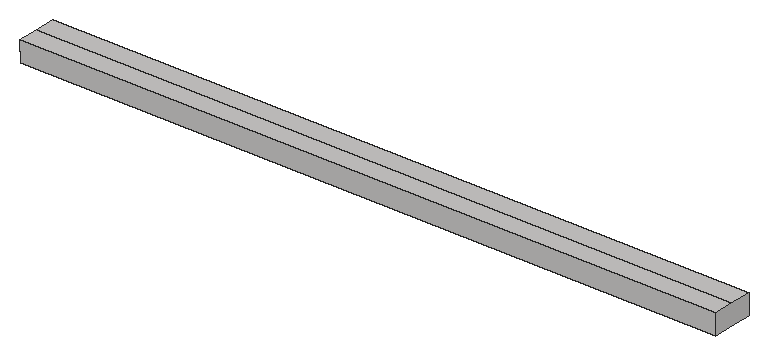
Revit family "Lighting_Ceiling-Mounted_Zero_Grid_Ceiling", category Lighting Fixtures, host Face, Revit 2020
Family settings
  Host = Face
  Round Connector Dimension = Use Diameter
  Part Type = Normal
  OmniClass Number = 23.80.70.00
  OmniClass Title = Lighting
  Cut with Voids When Loaded = No
  Light Source = Yes
  Shared = No
  Room Calculation Point = No
Parameters (values of type "Grid ceiling Square T5 Eco 25/28W HFF")
  Youtube clip = ""
  Weight Net (Kg) = "4.7"
  Wattage = 16.4937 W
  WarrantyStartDate [instance] = "n/a"
  WarrantyGuarantorParts = "n/a"
  WarrantyGuarantorLabor = "n/a"
  WarrantyDurationUnit = "Year"
  WarrantyDurationParts = "n/a"
  WarrantyDurationLabor = "n/a"
  WarrantyDescription = "n/a"
  built-in parameter 1150110 = 1 (stored number, unit not read)
  VersionDate = "31/08/2023"  # constant formula
  Version = "3"  # constant formula
  UsageCurrent = 0 A
  Uniformat II Description = ""
  Uniformat II Code = ""
  Uniclass2015Reference = "Pr_70_70_48_85"
  Uniclass2015Description = "Surface luminaires"
  Uniclass2 = "Pr_70_70_49"
  Uniclass 2015 Name = ""
  Uniclass 2015 Code = ""
  Uniclass 2.0 Description = ""
  Uniclass 2.0 Code = ""
  Uniclass 1.4 Description = ""
  Uniclass 1.4 Code = ""
  URL = "https://www.zerolighting.com/grid-inomta"
  UNSPSC Code = ""
  TotalWattage = 25 W
  built-in parameter 1114217 = 1 (stored number, unit not read)
  Tilt Angle = 90.00°
  built-in parameter 1150109 = 1 (stored number, unit not read)
  built-in parameter 1150134 = (empty or 0)
  Technical description = ""
  TagNumber [instance] = "n/a"
  SustainabilityPerformance = "n/a"
  built-in parameter 1150113 = 1 (stored number, unit not read)
  Size = "1250x96x96 mm"
  Shape = "Rectangular"
  SerialNumber [instance] = "n/a"
  Revision = "5"  # constant formula
  ReplacementCost = "n/a"
  Region South America = "None"
  Region Oceania = "AU, NZ"
  Region North America = "BZ, CR, GT, HN, MX, NI, PA, SV, US"
  Region Middle East = "AE"
  Region Europe = "AD, AL, AT, AX, BA, BE, BG, BY, CH, CY, CZ, DE, DK, EE, ES, FI, FO, FR, GB, GG, GI, GR, HR, HU, IE, IM, IS, IT, JE, LI, LT, LU, LV, MC, MD, ME, MK, MT, NL, NO, PL, PT, RO, RS, RU, SE, SI, SJ, SK, SM, UA, VA"
  Region Asia = "HK, JP, SG"
  Region Antarctica = "None"
  Region Africa = "None"
  ProductInformation = "The Grid series is decorated with industry standard sheet metal with different hole formations. Three patterns, two different perforations in the standard colours clear lacquered metal and transparent gold"
  Product group = "Ceiling fixtures"
  Product family = "Grid"
  Product certification = ""
  Product SKU = "Grid_ceiling_mounted"
  Product Guid = "b6d93c8a-e147-4bec-95b5-a205f2d8a539"
  Photometric Web File = "Grid8136.IES"
  PhaseReference = "n/a"
  PhaseAngle = 0.00°
  OmniClass Description = ""
  OmniClass Code = ""
  NumberOfSources = 0
  NumberOfPoles = 1
  Note = "Code varies with colour: -XX = -14 Yellow, -41 Orange, -76 Metal, -77 Gold"
  NominalVoltageCalc = 0 V
  NominalVoltage = 230 V
  NominalLength = 1250 mm
  NominalFrequencyRange = 50 Hz
  NominalCurrent = 0 A
  Nominal width = 1250 mm
  Nominal height = 96 mm
  Name = "Zero_Grid_Ceiling"  # constant formula
  NBSReference = "90-60-50/405"
  NBSDescription = "General purpose luminaires"
  NBS Reference Description = ""
  NBS Reference Code = ""
  ModelType = grid-ceiling : grid-ceiling
  Model = "Grid ceiling Square holes T5 Eco 25/28W HFF"
  Material secondary = ""
  Material main = "Steel"
  Masterformat 2014 Description = ""
  Masterformat 2014 Code = ""
  Manufacturer name = "ZERO"
  Manufacturer country = "Sweden"
  Manufacturer = "Zero"
  ModelReference = "n/a"
  ModelNumber = "8136-1-XXHFF"
  Material = "Metal"
  ManufacturersSpecificInformation = "n/a"
  ManufacturerURL = "https://www.zerolighting.com/"
  ManufacturerName = "Zero"
  MaintenanceFactor = 0
  built-in parameter 1150105 = 194.96 (stored number, unit not read)
  Lumens = 2450 lm
  built-in parameter 1150115 = 1 (stored number, unit not read)
  LightFixturePlacingType = "Ceiling"
  LightFixtureMountingType = "Surface"
  LightFixtureMainMaterial [instance] = Metal
  built-in parameter 1150137 = (empty or 0)
  built-in parameter 1150139 = (empty or 0)
  LensMaterial = Glass
  built-in parameter 1150112 = 1 (stored number, unit not read)
  built-in parameter 1150114 = 1 (stored number, unit not read)
  InsulationStandardClass = "n/a"
  InstallationDate [instance] = "n/a"
  Installation instructions = ""
  built-in parameter 1150132 = 2
  built-in parameter 1150102 = (empty or 0)
  built-in parameter 1150107 = 3000 (stored number, unit not read)
  built-in parameter 1150138 = (empty or 0)
  built-in parameter 1150106 = 1.9496 (stored number, unit not read)
  IfcExportType = "NOTDEFINED"  # constant formula
  IfcExportAs = "IfcLightFixtureType"  # constant formula
  IP_Code = "IP20"
  IFC Classification = ""
  HasProtectiveEarth = yes
  Grade = "n/a"
  GTIN code = ""
  Finish = "Raw finish, welding visible through transparent varnish"
  Features = "Terminal block 5x4mm2"
  ExpectedLife = "n/a"
  Emit from Rectangle Width = 96 mm
  Emit from Rectangle Length = 1250 mm
  Emit Shape Visible in Rendering = no
  ElectricalDeviceNominalPower = 0
  built-in parameter 1150104 = 13.8 (stored number, unit not read)
  Edition number = 1
  EANNumber = "n/a"
  DurationUnit = "Year"
  Dimming Lamp Color Temperature Shift = <None>
  Dimming = "Dimmable with DALI, DSI, SwitchDim"
  Designer = "Front Design 2012"
  Design country = "Sweden"
  Description = "The Grid series is decorated with industry standard sheet metal with different hole formations. Three patterns, two different perforations in the standard colours clear lacquered metal and transparent gold"
  Default Elevation = 0 mm
  Date of publishing = ""
  Constituents = "n/a"
  Color Filter = 16777215
  Color = "-XX = -14 Yellow, -41 Orange, -76 Metal, -77 Gold"
  Collection = "Grid"
  CodePerformance = "n/a"
  Category = "Ceiling"
  COBIe Type Category = ""
  Brand url = "http://www.zero.se"
  Brand = "Zero"
  Barcode [instance] = "n/a"
  built-in parameter 1114218 = 1 (stored number, unit not read)
  BIMObjectName = "Lighting_Ceiling-Mounted_Zero_Grid_Ceiling"  # constant formula
  Author = "BIMstone"  # constant formula
  built-in parameter 1150133 = 10 (stored number, unit not read)
  AssetType = "Fixed"
  AssetIdentifier [instance] = "n/a"
  ArticleNumber = "8136-1-XXHFF"
  Accessories = "Reflector T5 (98130-1-82)"
  AccessibilityPerformance = "n/a"
Reference planes
  plane 1 "Center (Front/Back)": y = 0
  plane 2: z = 0
  plane 3 "Center (Left/Right)": x = 0
  plane 4: y = 48
  plane 5: y = -48
  plane 6: x = -625
  plane 7: x = 625
  plane 8: z = 96
Forms (mm)
  Extrusion 1, solid, material "Metal" <- "LightFixtureMainMaterial", detail levels coarse
    sketch origin (0, 0, 0) x (0, 1, 0) y (0, 0, 1)
      loop
        line (48, 96) -> (-48, 96) -> (-48, 0) -> (48, 0) -> (48, 96)
    from -625 to 625
  Extrusion 2, solid, material "Metal" <- "LightFixtureMainMaterial", detail levels coarse
    sketch origin (0, 0, 0) x (0, 1, 0) y (0, 0, 1)
      loop
        line (48, 96) -> (-48, 96) -> (-48, 0) -> (48, 0) -> (48, 96)
    from -625 to 625
Lines and regions (mm)
  symbolic lines, detail levels coarse
    curve 1: line (0, 48, 96) -> (0, -48, 96)
    curve 2: line (0, 48, 0) -> (0, 48, 96)
    curve 3: line (0, -48, 0) -> (0, 48, 0)
    curve 4: line (0, -48, 96) -> (0, -48, 0)
    curve 5: line (-625, 0, 96) -> (625, 0, 96)
    curve 6: line (-625, 0, 0) -> (-625, 0, 96)
    curve 7: line (625, 0, 0) -> (-625, 0, 0)
    curve 8: line (625, 0, 96) -> (625, 0, 0)
    curve 9: line (-625, 48, 0) -> (625, 48, 0)
    curve 10: line (-625, -48, 0) -> (-625, 48, 0)
    curve 11: line (625, -48, 0) -> (-625, -48, 0)
    curve 12: line (625, 48, 0) -> (625, -48, 0)
Dimensions and locks
  equal spacing: plane 4, plane 1 "Center (Front/Back)", plane 5
  locked: plane 4 to plane 5 at 96
  equal spacing: plane 6, plane 3 "Center (Left/Right)", plane 7
  "NominalLength": plane 6 to plane 7
  locked: plane 8 to host face at 96
  aligned and locked: plane 2 to host face
  aligned and locked: level to host face
  aligned and locked: plane 8 to Extrusion 1 sketch curve
  aligned and locked: Extrusion 1 sketch curve to level
  aligned and locked: Extrusion 1 to plane 6
  aligned and locked: plane 7 to Extrusion 1
  aligned and locked: plane 4 to Extrusion 1
  aligned and locked: Extrusion 1 to plane 5
  aligned and locked: Extrusion 1 to host face
  aligned and locked: curve 1 to Extrusion 1
  aligned and locked: curve 2 to Extrusion 1
  aligned and locked: curve 3 to Extrusion 1
  aligned and locked: curve 4 to Extrusion 1
  aligned and locked: curve 5 to Extrusion 1
  aligned and locked: curve 6 to Extrusion 1
  aligned and locked: curve 7 to Extrusion 1
  aligned and locked: curve 8 to Extrusion 1
  aligned and locked: curve 9 to Extrusion 1
  aligned and locked: curve 10 to Extrusion 1
  aligned and locked: curve 11 to Extrusion 1
  aligned and locked: curve 12 to Extrusion 1
  aligned and locked: Extrusion 2 sketch curve to Extrusion 1  (x4)
  aligned and locked: Extrusion 2 to plane 6
  aligned and locked: plane 7 to Extrusion 2
Automatic sketch dimensions
  host sketch curve to host sketch curve = 2438.4 mm  (x2)
  plane 5 to Extrusion 1 sketch curve = 0 mm
  Extrusion 1 sketch curve to plane 4 = 0 mm
Nested families
  nested 1: "grid-ceiling" at (0, 0.253, 0), Material1 <- "LightFixtureMainMaterial", Material2 <- "LightFixtureMainMaterial", type <- "ModelType", type "grid-ceiling"
    with Material2 Metal, Material1 Metal
Connectors
  electrical at (0, 0, 0), driven by "NominalVoltage"
    settings: on Extrusion 1, index 1, voltage 230 V, apparent load 0 VA, apparent load phase1 0 VA, apparent load phase2 0 VA, apparent load phase3 0 VA, power factor 1, load classification "Other", number of poles 1, system type 31, power factor state 1, is connector primary yes, connector utility no, sub classification motor no, connector description ""
Definition of nested family "grid-ceiling"
  Parameters (values of type "grid-ceiling")
    Material2 [instance] = none
    Material1 [instance] = none
    Default Elevation = 0 mm
  Reference planes
    plane 1 "Center (Front/Back)": y = 0
    plane 2: z = 0
    plane 3 "Center (Left/Right)": x = 0
  Forms (mm)
    Extrusion 1, solid, material <- "Material2", detail levels medium+fine
      sketch origin (0, 0, -61) x (0, 1, 0) y (0, 0, 1)
        loop
          line (0, 96) -> (-35, 96) -> (-35, 61) -> (0, 61) -> (35, 61) -> (35, 96) -> (0, 96)
      from -601.9 to 601.9
  Lines and regions (mm)
    model lines, detail levels medium+fine
      curve 1: line (0, -48, 0) -> (0, 48, 0)
      curve 2: line (-0.307, 48, 0) -> (-625, 48, 0)
      curve 3: line (-625, 48, 0) -> (-625, -48, 0)
      curve 4: line (-625, -48, 0) -> (-0.307, -48, 0)
      curve 5: line (625, -48, 0) -> (625, 48, 0)
      curve 6: line (-625, 37.305, 0) -> (625, 37.305, 0)
      curve 7: line (-625, 26.605, 0) -> (625, 26.605, 0)
      curve 8: line (-625, 15.905, 0) -> (625, 15.905, 0)
      curve 9: line (-625, 5.205, 0) -> (625, 5.205, 0)
      curve 10: line (-625, -5.495, 0) -> (625, -5.495, 0)
      curve 11: line (-625, -16.195, 0) -> (625, -16.195, 0)
      curve 12: line (-625, -26.895, 0) -> (625, -26.895, 0)
      curve 13: line (-625, -37.595, 0) -> (625, -37.595, 0)
      curve 14: line (-613.368, 48, 0) -> (-613.368, -48, 0)
      curve 15: line (-602.222, 48, 0) -> (-602.222, -48, 0)
      curve 16: line (-591.075, 48, 0) -> (-591.075, -48, 0)
      curve 17: line (-579.929, 48, 0) -> (-579.929, -48, 0)
      curve 18: line (-568.782, 48, 0) -> (-568.782, -48, 0)
      curve 19: line (-557.635, 48, 0) -> (-557.635, -48, 0)
      curve 20: line (-546.489, 48, 0) -> (-546.489, -48, 0)
      curve 21: line (-535.342, 48, 0) -> (-535.342, -48, 0)
      curve 22: line (-524.196, 48, 0) -> (-524.196, -48, 0)
      curve 23: line (-513.049, 48, 0) -> (-513.049, -48, 0)
      curve 24: line (-501.903, 48, 0) -> (-501.903, -48, 0)
      curve 25: line (-490.756, 48, 0) -> (-490.756, -48, 0)
      curve 26: line (-479.609, 48, 0) -> (-479.609, -48, 0)
      curve 27: line (-468.463, 48, 0) -> (-468.463, -48, 0)
      curve 28: line (-457.316, 48, 0) -> (-457.316, -48, 0)
      curve 29: line (-446.17, 48, 0) -> (-446.17, -48, 0)
      curve 30: line (-435.023, 48, 0) -> (-435.023, -48, 0)
      curve 31: line (-423.876, 48, 0) -> (-423.876, -48, 0)
      curve 32: line (-412.73, 48, 0) -> (-412.73, -48, 0)
      curve 33: line (-401.583, 48, 0) -> (-401.583, -48, 0)
      curve 34: line (-390.437, 48, 0) -> (-390.437, -48, 0)
      curve 35: line (-379.29, 48, 0) -> (-379.29, -48, 0)
      curve 36: line (-368.144, 48, 0) -> (-368.144, -48, 0)
      curve 37: line (-356.997, 48, 0) -> (-356.997, -48, 0)
      curve 38: line (-345.85, 48, 0) -> (-345.85, -48, 0)
      curve 39: line (-334.704, 48, 0) -> (-334.704, -48, 0)
      curve 40: line (-323.557, 48, 0) -> (-323.557, -48, 0)
      curve 41: line (-312.411, 48, 0) -> (-312.411, -48, 0)
      curve 42: line (-301.264, 48, 0) -> (-301.264, -48, 0)
      curve 43: line (-290.118, 48, 0) -> (-290.118, -48, 0)
      curve 44: line (-278.971, 48, 0) -> (-278.971, -48, 0)
      curve 45: line (-267.824, 48, 0) -> (-267.824, -48, 0)
      curve 46: line (-256.678, 48, 0) -> (-256.678, -48, 0)
      curve 47: line (-245.531, 48, 0) -> (-245.531, -48, 0)
      curve 48: line (-234.385, 48, 0) -> (-234.385, -48, 0)
      curve 49: line (-223.238, 48, 0) -> (-223.238, -48, 0)
      curve 50: line (-212.092, 48, 0) -> (-212.092, -48, 0)
      curve 51: line (-200.945, 48, 0) -> (-200.945, -48, 0)
      curve 52: line (-189.798, 48, 0) -> (-189.798, -48, 0)
      curve 53: line (-178.652, 48, 0) -> (-178.652, -48, 0)
      curve 54: line (-167.505, 48, 0) -> (-167.505, -48, 0)
      curve 55: line (-156.359, 48, 0) -> (-156.359, -48, 0)
      curve 56: line (-145.212, 48, 0) -> (-145.212, -48, 0)
      curve 57: line (-134.065, 48, 0) -> (-134.065, -48, 0)
      curve 58: line (-122.919, 48, 0) -> (-122.919, -48, 0)
      curve 59: line (-111.772, 48, 0) -> (-111.772, -48, 0)
      curve 60: line (-100.626, 48, 0) -> (-100.626, -48, 0)
      curve 61: line (-89.479, 48, 0) -> (-89.479, -48, 0)
      curve 62: line (-78.333, 48, 0) -> (-78.333, -48, 0)
      curve 63: line (-67.186, 48, 0) -> (-67.186, -48, 0)
      curve 64: line (-56.039, 48, 0) -> (-56.039, -48, 0)
      curve 65: line (-44.893, 48, 0) -> (-44.893, -48, 0)
      curve 66: line (-33.746, 48, 0) -> (-33.746, -48, 0)
      curve 67: line (-22.6, 48, 0) -> (-22.6, -48, 0)
      curve 68: line (-11.453, 48, 0) -> (-11.453, -48, 0)
      curve 69: line (-0.307, 48, 0) -> (-0.307, -48, 0)
      curve 70: line (10.84, 48, 0) -> (10.84, -48, 0)
      curve 71: line (21.987, 48, 0) -> (21.987, -48, 0)
      curve 72: line (33.133, 48, 0) -> (33.133, -48, 0)
      curve 73: line (44.28, 48, 0) -> (44.28, -48, 0)
      curve 74: line (55.426, 48, 0) -> (55.426, -48, 0)
      curve 75: line (66.573, 48, 0) -> (66.573, -48, 0)
      curve 76: line (77.719, 48, 0) -> (77.719, -48, 0)
      curve 77: line (88.866, 48, 0) -> (88.866, -48, 0)
      curve 78: line (100.013, 48, 0) -> (100.013, -48, 0)
      curve 79: line (111.159, 48, 0) -> (111.159, -48, 0)
      curve 80: line (122.306, 48, 0) -> (122.306, -48, 0)
      curve 81: line (133.452, 48, 0) -> (133.452, -48, 0)
      curve 82: line (144.599, 48, 0) -> (144.599, -48, 0)
      curve 83: line (155.746, 48, 0) -> (155.746, -48, 0)
      curve 84: line (166.892, 48, 0) -> (166.892, -48, 0)
      curve 85: line (178.039, 48, 0) -> (178.039, -48, 0)
      curve 86: line (189.185, 48, 0) -> (189.185, -48, 0)
      curve 87: line (200.332, 48, 0) -> (200.332, -48, 0)
      curve 88: line (211.478, 48, 0) -> (211.478, -48, 0)
      curve 89: line (222.625, 48, 0) -> (222.625, -48, 0)
      curve 90: line (233.772, 48, 0) -> (233.772, -48, 0)
      curve 91: line (244.918, 48, 0) -> (244.918, -48, 0)
      curve 92: line (256.065, 48, 0) -> (256.065, -48, 0)
      curve 93: line (267.211, 48, 0) -> (267.211, -48, 0)
      curve 94: line (278.358, 48, 0) -> (278.358, -48, 0)
      curve 95: line (289.504, 48, 0) -> (289.504, -48, 0)
      curve 96: line (300.651, 48, 0) -> (300.651, -48, 0)
      curve 97: line (311.798, 48, 0) -> (311.798, -48, 0)
      curve 98: line (322.944, 48, 0) -> (322.944, -48, 0)
      curve 99: line (334.091, 48, 0) -> (334.091, -48, 0)
      curve 100: line (345.237, 48, 0) -> (345.237, -48, 0)
      curve 101: line (356.384, 48, 0) -> (356.384, -48, 0)
      curve 102: line (367.531, 48, 0) -> (367.531, -48, 0)
      curve 103: line (378.677, 48, 0) -> (378.677, -48, 0)
      curve 104: line (389.824, 48, 0) -> (389.824, -48, 0)
      curve 105: line (400.97, 48, 0) -> (400.97, -48, 0)
      curve 106: line (412.117, 48, 0) -> (412.117, -48, 0)
      curve 107: line (423.263, 48, 0) -> (423.263, -48, 0)
      curve 108: line (434.41, 48, 0) -> (434.41, -48, 0)
      curve 109: line (445.557, 48, 0) -> (445.557, -48, 0)
      curve 110: line (456.703, 48, 0) -> (456.703, -48, 0)
      curve 111: line (467.85, 48, 0) -> (467.85, -48, 0)
      curve 112: line (478.996, 48, 0) -> (478.996, -48, 0)
      curve 113: line (490.143, 48, 0) -> (490.143, -48, 0)
      curve 114: line (501.289, 48, 0) -> (501.289, -48, 0)
      curve 115: line (512.436, 48, 0) -> (512.436, -48, 0)
      curve 116: line (523.583, 48, 0) -> (523.583, -48, 0)
      curve 117: line (534.729, 48, 0) -> (534.729, -48, 0)
      curve 118: line (545.876, 48, 0) -> (545.876, -48, 0)
      curve 119: line (557.022, 48, 0) -> (557.022, -48, 0)
      curve 120: line (568.169, 48, 0) -> (568.169, -48, 0)
      curve 121: line (579.315, 48, 0) -> (579.315, -48, 0)
      curve 122: line (590.462, 48, 0) -> (590.462, -48, 0)
      curve 123: line (601.609, 48, 0) -> (601.609, -48, 0)
      curve 124: line (612.755, 48, 0) -> (612.755, -48, 0)
      curve 125: line (625, -48, 0) -> (-0.307, -48, 0)
      curve 126: line (-0.307, 48, 0) -> (625, 48, 0)
      curve 127: line (-625, 48, 96) -> (-625, -48, 96)
      curve 128: line (-625, 48, 0) -> (-625, 48, 96)
      curve 129: line (-625, -48, 96) -> (-625, -48, 0)
      curve 130: line (-625, -48, 0) -> (-625, 48, 0)
      curve 131: line (-625, 48, 84.649) -> (-625, -48, 84.649)
      curve 132: line (-625, 48, 73.949) -> (-625, -48, 73.949)
      curve 133: line (-625, 48, 63.249) -> (-625, -48, 63.249)
      curve 134: line (-625, 48, 52.549) -> (-625, -48, 52.549)
      curve 135: line (-625, 48, 41.849) -> (-625, -48, 41.849)
      curve 136: line (-625, 48, 31.149) -> (-625, -48, 31.149)
      curve 137: line (-625, 48, 20.449) -> (-625, -48, 20.449)
      curve 138: line (-625, 48, 9.749) -> (-625, -48, 9.749)
      curve 139: line (-625, 37.586, 96) -> (-625, 37.586, 0)
      curve 140: line (-625, 26.886, 96) -> (-625, 26.886, 0)
      curve 141: line (-625, 16.186, 96) -> (-625, 16.186, 0)
      curve 142: line (-625, 5.486, 96) -> (-625, 5.486, 0)
      curve 143: line (-625, -5.214, 96) -> (-625, -5.214, 0)
      curve 144: line (-625, -15.914, 96) -> (-625, -15.914, 0)
      curve 145: line (-625, -26.614, 96) -> (-625, -26.614, 0)
      curve 146: line (-625, -37.314, 96) -> (-625, -37.314, 0)
      curve 147: line (625, 48, 96) -> (625, -48, 96)
      curve 148: line (625, 48, 0) -> (625, 48, 96)
      curve 149: line (625, -48, 96) -> (625, -48, 0)
      curve 150: line (625, -48, 0) -> (625, 48, 0)
      curve 151: line (625, 48, 84.649) -> (625, -48, 84.649)
      curve 152: line (625, 48, 73.949) -> (625, -48, 73.949)
      curve 153: line (625, 48, 63.249) -> (625, -48, 63.249)
      curve 154: line (625, 48, 52.549) -> (625, -48, 52.549)
      curve 155: line (625, 48, 41.849) -> (625, -48, 41.849)
      curve 156: line (625, 48, 31.149) -> (625, -48, 31.149)
      curve 157: line (625, 48, 20.449) -> (625, -48, 20.449)
      curve 158: line (625, 48, 9.749) -> (625, -48, 9.749)
      curve 159: line (625, 37.586, 96) -> (625, 37.586, 0)
      curve 160: line (625, 26.886, 96) -> (625, 26.886, 0)
      curve 161: line (625, 16.186, 96) -> (625, 16.186, 0)
      curve 162: line (625, 5.486, 96) -> (625, 5.486, 0)
      curve 163: line (625, -5.214, 96) -> (625, -5.214, 0)
      curve 164: line (625, -15.914, 96) -> (625, -15.914, 0)
      curve 165: line (625, -26.614, 96) -> (625, -26.614, 0)
      curve 166: line (625, -37.314, 96) -> (625, -37.314, 0)
      curve 167: line (624.693, 48, 0) -> (624.693, -48, 0)
      curve 168: line (-625, 48, 84.715) -> (625, 48, 84.715)
      curve 169: line (-625, 48, 74.015) -> (625, 48, 74.015)
      curve 170: line (-625, 48, 63.315) -> (625, 48, 63.315)
      curve 171: line (-625, 48, 52.615) -> (625, 48, 52.615)
      curve 172: line (-625, 48, 41.915) -> (625, 48, 41.915)
      curve 173: line (-625, 48, 31.215) -> (625, 48, 31.215)
      curve 174: line (-625, 48, 20.515) -> (625, 48, 20.515)
      curve 175: line (-625, 48, 9.815) -> (625, 48, 9.815)
      curve 176: line (0, 48, 96) -> (-625, 48, 96)
      curve 177: line (-625, 48, 96) -> (-625, 48, 0)
      curve 178: line (-625, 48, 0) -> (625, 48, 0)
      curve 179: line (625, 48, 0) -> (625, 48, 96)
      curve 180: line (-613.782, 48, 96) -> (-613.782, 48, 0)
      curve 181: line (-602.282, 48, 96) -> (-602.282, 48, 0)
      curve 182: line (-590.782, 48, 96) -> (-590.782, 48, 0)
      curve 183: line (-579.282, 48, 96) -> (-579.282, 48, 0)
      curve 184: line (-567.782, 48, 96) -> (-567.782, 48, 0)
      curve 185: line (-556.282, 48, 96) -> (-556.282, 48, 0)
      curve 186: line (-544.782, 48, 96) -> (-544.782, 48, 0)
      curve 187: line (-533.282, 48, 96) -> (-533.282, 48, 0)
      curve 188: line (-521.782, 48, 96) -> (-521.782, 48, 0)
      curve 189: line (-510.282, 48, 96) -> (-510.282, 48, 0)
      curve 190: line (-498.782, 48, 96) -> (-498.782, 48, 0)
      curve 191: line (-487.282, 48, 96) -> (-487.282, 48, 0)
      curve 192: line (-475.782, 48, 96) -> (-475.782, 48, 0)
      curve 193: line (-464.282, 48, 96) -> (-464.282, 48, 0)
      curve 194: line (-452.782, 48, 96) -> (-452.782, 48, 0)
      curve 195: line (-441.282, 48, 96) -> (-441.282, 48, 0)
      curve 196: line (-429.782, 48, 96) -> (-429.782, 48, 0)
      curve 197: line (-418.282, 48, 96) -> (-418.282, 48, 0)
      curve 198: line (-406.782, 48, 96) -> (-406.782, 48, 0)
      curve 199: line (-395.282, 48, 96) -> (-395.282, 48, 0)
      curve 200: line (-383.782, 48, 96) -> (-383.782, 48, 0)
      curve 201: line (-372.282, 48, 96) -> (-372.282, 48, 0)
      curve 202: line (-360.782, 48, 96) -> (-360.782, 48, 0)
      curve 203: line (-349.282, 48, 96) -> (-349.282, 48, 0)
      curve 204: line (-337.782, 48, 96) -> (-337.782, 48, 0)
      curve 205: line (-326.282, 48, 96) -> (-326.282, 48, 0)
      curve 206: line (-314.782, 48, 96) -> (-314.782, 48, 0)
      curve 207: line (-303.282, 48, 96) -> (-303.282, 48, 0)
      curve 208: line (-291.782, 48, 96) -> (-291.782, 48, 0)
      curve 209: line (-280.282, 48, 96) -> (-280.282, 48, 0)
      curve 210: line (-268.782, 48, 96) -> (-268.782, 48, 0)
      curve 211: line (-257.282, 48, 96) -> (-257.282, 48, 0)
      curve 212: line (-245.782, 48, 96) -> (-245.782, 48, 0)
      curve 213: line (-234.282, 48, 96) -> (-234.282, 48, 0)
      curve 214: line (-222.782, 48, 96) -> (-222.782, 48, 0)
      curve 215: line (-211.282, 48, 96) -> (-211.282, 48, 0)
      curve 216: line (-199.782, 48, 96) -> (-199.782, 48, 0)
      curve 217: line (-188.282, 48, 96) -> (-188.282, 48, 0)
      curve 218: line (-176.782, 48, 96) -> (-176.782, 48, 0)
      curve 219: line (-165.282, 48, 96) -> (-165.282, 48, 0)
      curve 220: line (-153.782, 48, 96) -> (-153.782, 48, 0)
      curve 221: line (-142.282, 48, 96) -> (-142.282, 48, 0)
      curve 222: line (-130.782, 48, 96) -> (-130.782, 48, 0)
      curve 223: line (-119.282, 48, 96) -> (-119.282, 48, 0)
      curve 224: line (-107.782, 48, 96) -> (-107.782, 48, 0)
      curve 225: line (-96.282, 48, 96) -> (-96.282, 48, 0)
      curve 226: line (-84.782, 48, 96) -> (-84.782, 48, 0)
      curve 227: line (-73.282, 48, 96) -> (-73.282, 48, 0)
      curve 228: line (-61.782, 48, 96) -> (-61.782, 48, 0)
      curve 229: line (-50.282, 48, 96) -> (-50.282, 48, 0)
      curve 230: line (-38.782, 48, 96) -> (-38.782, 48, 0)
      curve 231: line (-27.282, 48, 96) -> (-27.282, 48, 0)
      curve 232: line (-15.782, 48, 96) -> (-15.782, 48, 0)
      curve 233: line (-4.282, 48, 96) -> (-4.282, 48, 0)
      curve 234: line (7.218, 48, 96) -> (7.218, 48, 0)
      curve 235: line (18.718, 48, 96) -> (18.718, 48, 0)
      curve 236: line (30.218, 48, 96) -> (30.218, 48, 0)
      curve 237: line (41.718, 48, 96) -> (41.718, 48, 0)
      curve 238: line (53.218, 48, 96) -> (53.218, 48, 0)
      curve 239: line (64.718, 48, 96) -> (64.718, 48, 0)
      curve 240: line (76.218, 48, 96) -> (76.218, 48, 0)
      curve 241: line (87.718, 48, 96) -> (87.718, 48, 0)
      curve 242: line (99.218, 48, 96) -> (99.218, 48, 0)
      curve 243: line (110.718, 48, 96) -> (110.718, 48, 0)
      curve 244: line (122.218, 48, 96) -> (122.218, 48, 0)
      curve 245: line (133.718, 48, 96) -> (133.718, 48, 0)
      curve 246: line (145.218, 48, 96) -> (145.218, 48, 0)
      curve 247: line (156.718, 48, 96) -> (156.718, 48, 0)
      curve 248: line (168.218, 48, 96) -> (168.218, 48, 0)
      curve 249: line (179.718, 48, 96) -> (179.718, 48, 0)
      curve 250: line (191.218, 48, 96) -> (191.218, 48, 0)
      curve 251: line (202.718, 48, 96) -> (202.718, 48, 0)
      curve 252: line (214.218, 48, 96) -> (214.218, 48, 0)
      curve 253: line (225.718, 48, 96) -> (225.718, 48, 0)
      curve 254: line (237.218, 48, 96) -> (237.218, 48, 0)
      curve 255: line (248.718, 48, 96) -> (248.718, 48, 0)
      curve 256: line (260.218, 48, 96) -> (260.218, 48, 0)
      curve 257: line (271.718, 48, 96) -> (271.718, 48, 0)
      curve 258: line (283.218, 48, 96) -> (283.218, 48, 0)
      curve 259: line (294.718, 48, 96) -> (294.718, 48, 0)
      curve 260: line (306.218, 48, 96) -> (306.218, 48, 0)
      curve 261: line (317.718, 48, 96) -> (317.718, 48, 0)
      curve 262: line (329.218, 48, 96) -> (329.218, 48, 0)
      curve 263: line (340.718, 48, 96) -> (340.718, 48, 0)
      curve 264: line (352.218, 48, 96) -> (352.218, 48, 0)
      curve 265: line (363.718, 48, 96) -> (363.718, 48, 0)
      curve 266: line (375.218, 48, 96) -> (375.218, 48, 0)
      curve 267: line (386.718, 48, 96) -> (386.718, 48, 0)
      curve 268: line (398.218, 48, 96) -> (398.218, 48, 0)
      curve 269: line (409.718, 48, 96) -> (409.718, 48, 0)
      curve 270: line (421.218, 48, 96) -> (421.218, 48, 0)
      curve 271: line (432.718, 48, 96) -> (432.718, 48, 0)
      curve 272: line (444.218, 48, 96) -> (444.218, 48, 0)
      curve 273: line (455.718, 48, 96) -> (455.718, 48, 0)
      curve 274: line (467.218, 48, 96) -> (467.218, 48, 0)
      curve 275: line (478.718, 48, 96) -> (478.718, 48, 0)
      curve 276: line (490.218, 48, 96) -> (490.218, 48, 0)
      curve 277: line (501.718, 48, 96) -> (501.718, 48, 0)
      curve 278: line (513.218, 48, 96) -> (513.218, 48, 0)
      curve 279: line (524.718, 48, 96) -> (524.718, 48, 0)
      curve 280: line (536.218, 48, 96) -> (536.218, 48, 0)
      curve 281: line (547.718, 48, 96) -> (547.718, 48, 0)
      curve 282: line (559.218, 48, 96) -> (559.218, 48, 0)
      curve 283: line (570.718, 48, 96) -> (570.718, 48, 0)
      curve 284: line (582.218, 48, 96) -> (582.218, 48, 0)
      curve 285: line (593.718, 48, 96) -> (593.718, 48, 0)
      curve 286: line (605.218, 48, 96) -> (605.218, 48, 0)
      curve 287: line (616.718, 48, 96) -> (616.718, 48, 0)
      curve 288: line (0, 48, 96) -> (625, 48, 96)
      curve 289: line (-0.307, -48, 0) -> (-625, -48, 0)
      curve 290: line (-0.307, -48, 0) -> (625, -48, 0)
      curve 291: line (-625, -48, 0) -> (-625, -48, 96)
      curve 292: line (625, -48, 0) -> (625, -48, 96)
      curve 293: line (-625, -48, 84.715) -> (625, -48, 84.715)
      curve 294: line (-625, -48, 74.015) -> (625, -48, 74.015)
      curve 295: line (-625, -48, 63.315) -> (625, -48, 63.315)
      curve 296: line (-625, -48, 52.615) -> (625, -48, 52.615)
      curve 297: line (-625, -48, 41.915) -> (625, -48, 41.915)
      curve 298: line (-625, -48, 31.215) -> (625, -48, 31.215)
      curve 299: line (-625, -48, 20.515) -> (625, -48, 20.515)
      curve 300: line (-625, -48, 9.815) -> (625, -48, 9.815)
      curve 301: line (0, -48, 96) -> (-625, -48, 96)
      curve 302: line (-625, -48, 96) -> (-625, -48, 0)
      curve 303: line (-625, -48, 0) -> (625, -48, 0)
      curve 304: line (625, -48, 0) -> (625, -48, 96)
      curve 305: line (-613.782, -48, 96) -> (-613.782, -48, 0)
      curve 306: line (-602.282, -48, 96) -> (-602.282, -48, 0)
      curve 307: line (-590.782, -48, 96) -> (-590.782, -48, 0)
      curve 308: line (-579.282, -48, 96) -> (-579.282, -48, 0)
      curve 309: line (-567.782, -48, 96) -> (-567.782, -48, 0)
      curve 310: line (-556.282, -48, 96) -> (-556.282, -48, 0)
      curve 311: line (-544.782, -48, 96) -> (-544.782, -48, 0)
      curve 312: line (-533.282, -48, 96) -> (-533.282, -48, 0)
      curve 313: line (-521.782, -48, 96) -> (-521.782, -48, 0)
      curve 314: line (-510.282, -48, 96) -> (-510.282, -48, 0)
      curve 315: line (-498.782, -48, 96) -> (-498.782, -48, 0)
      curve 316: line (-487.282, -48, 96) -> (-487.282, -48, 0)
      curve 317: line (-475.782, -48, 96) -> (-475.782, -48, 0)
      curve 318: line (-464.282, -48, 96) -> (-464.282, -48, 0)
      curve 319: line (-452.782, -48, 96) -> (-452.782, -48, 0)
      curve 320: line (-441.282, -48, 96) -> (-441.282, -48, 0)
      curve 321: line (-429.782, -48, 96) -> (-429.782, -48, 0)
      curve 322: line (-418.282, -48, 96) -> (-418.282, -48, 0)
      curve 323: line (-406.782, -48, 96) -> (-406.782, -48, 0)
      curve 324: line (-395.282, -48, 96) -> (-395.282, -48, 0)
      curve 325: line (-383.782, -48, 96) -> (-383.782, -48, 0)
      curve 326: line (-372.282, -48, 96) -> (-372.282, -48, 0)
      curve 327: line (-360.782, -48, 96) -> (-360.782, -48, 0)
      curve 328: line (-349.282, -48, 96) -> (-349.282, -48, 0)
      curve 329: line (-337.782, -48, 96) -> (-337.782, -48, 0)
      curve 330: line (-326.282, -48, 96) -> (-326.282, -48, 0)
      curve 331: line (-314.782, -48, 96) -> (-314.782, -48, 0)
      curve 332: line (-303.282, -48, 96) -> (-303.282, -48, 0)
      curve 333: line (-291.782, -48, 96) -> (-291.782, -48, 0)
      curve 334: line (-280.282, -48, 96) -> (-280.282, -48, 0)
      curve 335: line (-268.782, -48, 96) -> (-268.782, -48, 0)
      curve 336: line (-257.282, -48, 96) -> (-257.282, -48, 0)
      curve 337: line (-245.782, -48, 96) -> (-245.782, -48, 0)
      curve 338: line (-234.282, -48, 96) -> (-234.282, -48, 0)
      curve 339: line (-222.782, -48, 96) -> (-222.782, -48, 0)
      curve 340: line (-211.282, -48, 96) -> (-211.282, -48, 0)
      curve 341: line (-199.782, -48, 96) -> (-199.782, -48, 0)
      curve 342: line (-188.282, -48, 96) -> (-188.282, -48, 0)
      curve 343: line (-176.782, -48, 96) -> (-176.782, -48, 0)
      curve 344: line (-165.282, -48, 96) -> (-165.282, -48, 0)
      curve 345: line (-153.782, -48, 96) -> (-153.782, -48, 0)
      curve 346: line (-142.282, -48, 96) -> (-142.282, -48, 0)
      curve 347: line (-130.782, -48, 96) -> (-130.782, -48, 0)
      curve 348: line (-119.282, -48, 96) -> (-119.282, -48, 0)
      curve 349: line (-107.782, -48, 96) -> (-107.782, -48, 0)
      curve 350: line (-96.282, -48, 96) -> (-96.282, -48, 0)
      curve 351: line (-84.782, -48, 96) -> (-84.782, -48, 0)
      curve 352: line (-73.282, -48, 96) -> (-73.282, -48, 0)
      curve 353: line (-61.782, -48, 96) -> (-61.782, -48, 0)
      curve 354: line (-50.282, -48, 96) -> (-50.282, -48, 0)
      curve 355: line (-38.782, -48, 96) -> (-38.782, -48, 0)
      curve 356: line (-27.282, -48, 96) -> (-27.282, -48, 0)
      curve 357: line (-15.782, -48, 96) -> (-15.782, -48, 0)
      curve 358: line (-4.282, -48, 96) -> (-4.282, -48, 0)
      curve 359: line (7.218, -48, 96) -> (7.218, -48, 0)
      curve 360: line (18.718, -48, 96) -> (18.718, -48, 0)
      curve 361: line (30.218, -48, 96) -> (30.218, -48, 0)
      curve 362: line (41.718, -48, 96) -> (41.718, -48, 0)
      curve 363: line (53.218, -48, 96) -> (53.218, -48, 0)
      curve 364: line (64.718, -48, 96) -> (64.718, -48, 0)
      curve 365: line (76.218, -48, 96) -> (76.218, -48, 0)
      curve 366: line (87.718, -48, 96) -> (87.718, -48, 0)
      curve 367: line (99.218, -48, 96) -> (99.218, -48, 0)
      curve 368: line (110.718, -48, 96) -> (110.718, -48, 0)
      curve 369: line (122.218, -48, 96) -> (122.218, -48, 0)
      curve 370: line (133.718, -48, 96) -> (133.718, -48, 0)
      curve 371: line (145.218, -48, 96) -> (145.218, -48, 0)
      curve 372: line (156.718, -48, 96) -> (156.718, -48, 0)
      curve 373: line (168.218, -48, 96) -> (168.218, -48, 0)
      curve 374: line (179.718, -48, 96) -> (179.718, -48, 0)
      curve 375: line (191.218, -48, 96) -> (191.218, -48, 0)
      curve 376: line (202.718, -48, 96) -> (202.718, -48, 0)
      curve 377: line (214.218, -48, 96) -> (214.218, -48, 0)
      curve 378: line (225.718, -48, 96) -> (225.718, -48, 0)
      curve 379: line (237.218, -48, 96) -> (237.218, -48, 0)
      curve 380: line (248.718, -48, 96) -> (248.718, -48, 0)
      curve 381: line (260.218, -48, 96) -> (260.218, -48, 0)
      curve 382: line (271.718, -48, 96) -> (271.718, -48, 0)
      curve 383: line (283.218, -48, 96) -> (283.218, -48, 0)
      curve 384: line (294.718, -48, 96) -> (294.718, -48, 0)
      curve 385: line (306.218, -48, 96) -> (306.218, -48, 0)
      curve 386: line (317.718, -48, 96) -> (317.718, -48, 0)
      curve 387: line (329.218, -48, 96) -> (329.218, -48, 0)
      curve 388: line (340.718, -48, 96) -> (340.718, -48, 0)
      curve 389: line (352.218, -48, 96) -> (352.218, -48, 0)
      curve 390: line (363.718, -48, 96) -> (363.718, -48, 0)
      curve 391: line (375.218, -48, 96) -> (375.218, -48, 0)
      curve 392: line (386.718, -48, 96) -> (386.718, -48, 0)
      curve 393: line (398.218, -48, 96) -> (398.218, -48, 0)
      curve 394: line (409.718, -48, 96) -> (409.718, -48, 0)
      curve 395: line (421.218, -48, 96) -> (421.218, -48, 0)
      curve 396: line (432.718, -48, 96) -> (432.718, -48, 0)
      curve 397: line (444.218, -48, 96) -> (444.218, -48, 0)
      curve 398: line (455.718, -48, 96) -> (455.718, -48, 0)
      curve 399: line (467.218, -48, 96) -> (467.218, -48, 0)
      curve 400: line (478.718, -48, 96) -> (478.718, -48, 0)
      curve 401: line (490.218, -48, 96) -> (490.218, -48, 0)
      curve 402: line (501.718, -48, 96) -> (501.718, -48, 0)
      curve 403: line (513.218, -48, 96) -> (513.218, -48, 0)
      curve 404: line (524.718, -48, 96) -> (524.718, -48, 0)
      curve 405: line (536.218, -48, 96) -> (536.218, -48, 0)
      curve 406: line (547.718, -48, 96) -> (547.718, -48, 0)
      curve 407: line (559.218, -48, 96) -> (559.218, -48, 0)
      curve 408: line (570.718, -48, 96) -> (570.718, -48, 0)
      curve 409: line (582.218, -48, 96) -> (582.218, -48, 0)
      curve 410: line (593.718, -48, 96) -> (593.718, -48, 0)
      curve 411: line (605.218, -48, 96) -> (605.218, -48, 0)
      curve 412: line (616.718, -48, 96) -> (616.718, -48, 0)
      curve 413: line (0, -48, 96) -> (625, -48, 96)
      curve 414: line (0, -48, 96) -> (0, 48, 96)
      curve 415: line (-0.307, 48, 96) -> (-625, 48, 96)
      curve 416: line (-625, 48, 96) -> (-625, -48, 96)
      curve 417: line (-625, -48, 96) -> (-0.307, -48, 96)
      curve 418: line (625, -48, 96) -> (625, 48, 96)
      curve 419: line (-625, 37.305, 96) -> (625, 37.305, 96)
      curve 420: line (-625, 26.605, 96) -> (625, 26.605, 96)
      curve 421: line (-625, 15.905, 96) -> (625, 15.905, 96)
      curve 422: line (-625, 5.205, 96) -> (625, 5.205, 96)
      curve 423: line (-625, -5.495, 96) -> (625, -5.495, 96)
      curve 424: line (-625, -16.195, 96) -> (625, -16.195, 96)
      curve 425: line (-625, -26.895, 96) -> (625, -26.895, 96)
      curve 426: line (-625, -37.595, 96) -> (625, -37.595, 96)
      curve 427: line (-613.368, 48, 96) -> (-613.368, -48, 96)
      curve 428: line (-602.222, 48, 96) -> (-602.222, -48, 96)
      curve 429: line (-591.075, 48, 96) -> (-591.075, -48, 96)
      curve 430: line (-579.929, 48, 96) -> (-579.929, -48, 96)
      curve 431: line (-568.782, 48, 96) -> (-568.782, -48, 96)
      curve 432: line (-557.635, 48, 96) -> (-557.635, -48, 96)
      curve 433: line (-546.489, 48, 96) -> (-546.489, -48, 96)
      curve 434: line (-535.342, 48, 96) -> (-535.342, -48, 96)
      curve 435: line (-524.196, 48, 96) -> (-524.196, -48, 96)
      curve 436: line (-513.049, 48, 96) -> (-513.049, -48, 96)
      curve 437: line (-501.903, 48, 96) -> (-501.903, -48, 96)
      curve 438: line (-490.756, 48, 96) -> (-490.756, -48, 96)
      curve 439: line (-479.609, 48, 96) -> (-479.609, -48, 96)
      curve 440: line (-468.463, 48, 96) -> (-468.463, -48, 96)
      curve 441: line (-457.316, 48, 96) -> (-457.316, -48, 96)
      curve 442: line (-446.17, 48, 96) -> (-446.17, -48, 96)
      curve 443: line (-435.023, 48, 96) -> (-435.023, -48, 96)
      curve 444: line (-423.876, 48, 96) -> (-423.876, -48, 96)
      curve 445: line (-412.73, 48, 96) -> (-412.73, -48, 96)
      curve 446: line (-401.583, 48, 96) -> (-401.583, -48, 96)
      curve 447: line (-390.437, 48, 96) -> (-390.437, -48, 96)
      curve 448: line (-379.29, 48, 96) -> (-379.29, -48, 96)
      curve 449: line (-368.144, 48, 96) -> (-368.144, -48, 96)
      curve 450: line (-356.997, 48, 96) -> (-356.997, -48, 96)
      curve 451: line (-345.85, 48, 96) -> (-345.85, -48, 96)
      curve 452: line (-334.704, 48, 96) -> (-334.704, -48, 96)
      curve 453: line (-323.557, 48, 96) -> (-323.557, -48, 96)
      curve 454: line (-312.411, 48, 96) -> (-312.411, -48, 96)
      curve 455: line (-301.264, 48, 96) -> (-301.264, -48, 96)
      curve 456: line (-290.118, 48, 96) -> (-290.118, -48, 96)
      curve 457: line (-278.971, 48, 96) -> (-278.971, -48, 96)
      curve 458: line (-267.824, 48, 96) -> (-267.824, -48, 96)
      curve 459: line (-256.678, 48, 96) -> (-256.678, -48, 96)
      curve 460: line (-245.531, 48, 96) -> (-245.531, -48, 96)
      curve 461: line (-234.385, 48, 96) -> (-234.385, -48, 96)
      curve 462: line (-223.238, 48, 96) -> (-223.238, -48, 96)
      curve 463: line (-212.092, 48, 96) -> (-212.092, -48, 96)
      curve 464: line (-200.945, 48, 96) -> (-200.945, -48, 96)
      curve 465: line (-189.798, 48, 96) -> (-189.798, -48, 96)
      curve 466: line (-178.652, 48, 96) -> (-178.652, -48, 96)
      curve 467: line (-167.505, 48, 96) -> (-167.505, -48, 96)
      curve 468: line (-156.359, 48, 96) -> (-156.359, -48, 96)
      curve 469: line (-145.212, 48, 96) -> (-145.212, -48, 96)
      curve 470: line (-134.065, 48, 96) -> (-134.065, -48, 96)
      curve 471: line (-122.919, 48, 96) -> (-122.919, -48, 96)
      curve 472: line (-111.772, 48, 96) -> (-111.772, -48, 96)
      curve 473: line (-100.626, 48, 96) -> (-100.626, -48, 96)
      curve 474: line (-89.479, 48, 96) -> (-89.479, -48, 96)
      curve 475: line (-78.333, 48, 96) -> (-78.333, -48, 96)
      curve 476: line (-67.186, 48, 96) -> (-67.186, -48, 96)
      curve 477: line (-56.039, 48, 96) -> (-56.039, -48, 96)
      curve 478: line (-44.893, 48, 96) -> (-44.893, -48, 96)
      curve 479: line (-33.746, 48, 96) -> (-33.746, -48, 96)
      curve 480: line (-22.6, 48, 96) -> (-22.6, -48, 96)
      curve 481: line (-11.453, 48, 96) -> (-11.453, -48, 96)
      curve 482: line (-0.307, 48, 96) -> (-0.307, -48, 96)
      curve 483: line (10.84, 48, 96) -> (10.84, -48, 96)
      curve 484: line (21.987, 48, 96) -> (21.987, -48, 96)
      curve 485: line (33.133, 48, 96) -> (33.133, -48, 96)
      curve 486: line (44.28, 48, 96) -> (44.28, -48, 96)
      curve 487: line (55.426, 48, 96) -> (55.426, -48, 96)
      curve 488: line (66.573, 48, 96) -> (66.573, -48, 96)
      curve 489: line (77.719, 48, 96) -> (77.719, -48, 96)
      curve 490: line (88.866, 48, 96) -> (88.866, -48, 96)
      curve 491: line (100.013, 48, 96) -> (100.013, -48, 96)
      curve 492: line (111.159, 48, 96) -> (111.159, -48, 96)
      curve 493: line (122.306, 48, 96) -> (122.306, -48, 96)
      curve 494: line (133.452, 48, 96) -> (133.452, -48, 96)
      curve 495: line (144.599, 48, 96) -> (144.599, -48, 96)
      curve 496: line (155.746, 48, 96) -> (155.746, -48, 96)
      curve 497: line (166.892, 48, 96) -> (166.892, -48, 96)
      curve 498: line (178.039, 48, 96) -> (178.039, -48, 96)
      curve 499: line (189.185, 48, 96) -> (189.185, -48, 96)
      curve 500: line (200.332, 48, 96) -> (200.332, -48, 96)
      curve 501: line (211.478, 48, 96) -> (211.478, -48, 96)
      curve 502: line (222.625, 48, 96) -> (222.625, -48, 96)
      curve 503: line (233.772, 48, 96) -> (233.772, -48, 96)
      curve 504: line (244.918, 48, 96) -> (244.918, -48, 96)
      curve 505: line (256.065, 48, 96) -> (256.065, -48, 96)
      curve 506: line (267.211, 48, 96) -> (267.211, -48, 96)
      curve 507: line (278.358, 48, 96) -> (278.358, -48, 96)
      curve 508: line (289.504, 48, 96) -> (289.504, -48, 96)
      curve 509: line (300.651, 48, 96) -> (300.651, -48, 96)
      curve 510: line (311.798, 48, 96) -> (311.798, -48, 96)
      curve 511: line (322.944, 48, 96) -> (322.944, -48, 96)
      curve 512: line (334.091, 48, 96) -> (334.091, -48, 96)
      curve 513: line (345.237, 48, 96) -> (345.237, -48, 96)
      curve 514: line (356.384, 48, 96) -> (356.384, -48, 96)
      curve 515: line (367.531, 48, 96) -> (367.531, -48, 96)
      curve 516: line (378.677, 48, 96) -> (378.677, -48, 96)
      curve 517: line (389.824, 48, 96) -> (389.824, -48, 96)
      curve 518: line (400.97, 48, 96) -> (400.97, -48, 96)
      curve 519: line (412.117, 48, 96) -> (412.117, -48, 96)
      curve 520: line (423.263, 48, 96) -> (423.263, -48, 96)
      curve 521: line (434.41, 48, 96) -> (434.41, -48, 96)
      curve 522: line (445.557, 48, 96) -> (445.557, -48, 96)
      curve 523: line (456.703, 48, 96) -> (456.703, -48, 96)
      curve 524: line (467.85, 48, 96) -> (467.85, -48, 96)
      curve 525: line (478.996, 48, 96) -> (478.996, -48, 96)
      curve 526: line (490.143, 48, 96) -> (490.143, -48, 96)
      curve 527: line (501.289, 48, 96) -> (501.289, -48, 96)
      curve 528: line (512.436, 48, 96) -> (512.436, -48, 96)
      curve 529: line (523.583, 48, 96) -> (523.583, -48, 96)
      curve 530: line (534.729, 48, 96) -> (534.729, -48, 96)
      curve 531: line (545.876, 48, 96) -> (545.876, -48, 96)
      curve 532: line (557.022, 48, 96) -> (557.022, -48, 96)
      curve 533: line (568.169, 48, 96) -> (568.169, -48, 96)
      curve 534: line (579.315, 48, 96) -> (579.315, -48, 96)
      curve 535: line (590.462, 48, 96) -> (590.462, -48, 96)
      curve 536: line (601.609, 48, 96) -> (601.609, -48, 96)
      curve 537: line (612.755, 48, 96) -> (612.755, -48, 96)
      curve 538: line (625, -48, 96) -> (-0.307, -48, 96)
      curve 539: line (-0.307, 48, 96) -> (625, 48, 96)
      curve 540: line (-625, -48, 96) -> (-625, 48, 96)
      curve 541: line (625, -48, 96) -> (625, 48, 96)
      curve 542: line (624.693, 48, 96) -> (624.693, -48, 96)
      curve 543: line (-625, 48, 96) -> (625, 48, 96)
      curve 544: line (-0.307, -48, 96) -> (-625, -48, 96)
      curve 545: line (-0.307, -48, 96) -> (625, -48, 96)
      curve 546: line (-625, -48, 96) -> (625, -48, 96)
    symbolic lines, detail levels fine
      curve 547: line (-601.9, 0, 0) -> (601.9, 0, 0)
      curve 548: line (-601.9, 0, 35) -> (-601.9, 0, 0)
      curve 549: line (601.9, 0, 0) -> (601.9, 0, 35)
      curve 550: line (0, 0, 0) -> (0, 35, 0)
      curve 551: line (0, 35, 0) -> (0, 35, 35)
      curve 552: line (0, -35, 0) -> (0, 0, 0)
      curve 553: line (0, -35, 35) -> (0, -35, 0)
      curve 554: line (-613.782, 0, 96) -> (-613.782, 0, 0)
      curve 555: line (-602.282, 0, 96) -> (-602.282, 0, 0)
      curve 556: line (-590.782, 0, 96) -> (-590.782, 0, 0)
      curve 557: line (-579.282, 0, 96) -> (-579.282, 0, 0)
      curve 558: line (-567.782, 0, 96) -> (-567.782, 0, 0)
      curve 559: line (-556.282, 0, 96) -> (-556.282, 0, 0)
      curve 560: line (-544.782, 0, 96) -> (-544.782, 0, 0)
      curve 561: line (-533.282, 0, 96) -> (-533.282, 0, 0)
      curve 562: line (-521.782, 0, 96) -> (-521.782, 0, 0)
      curve 563: line (-510.282, 0, 96) -> (-510.282, 0, 0)
      curve 564: line (-498.782, 0, 96) -> (-498.782, 0, 0)
      curve 565: line (-487.282, 0, 96) -> (-487.282, 0, 0)
      curve 566: line (-475.782, 0, 96) -> (-475.782, 0, 0)
      curve 567: line (-464.282, 0, 96) -> (-464.282, 0, 0)
      curve 568: line (-452.782, 0, 96) -> (-452.782, 0, 0)
      curve 569: line (-441.282, 0, 96) -> (-441.282, 0, 0)
      curve 570: line (-429.782, 0, 96) -> (-429.782, 0, 0)
      curve 571: line (-418.282, 0, 96) -> (-418.282, 0, 0)
      curve 572: line (-406.782, 0, 96) -> (-406.782, 0, 0)
      curve 573: line (-395.282, 0, 96) -> (-395.282, 0, 0)
      curve 574: line (-383.782, 0, 96) -> (-383.782, 0, 0)
      curve 575: line (-372.282, 0, 96) -> (-372.282, 0, 0)
      curve 576: line (-360.782, 0, 96) -> (-360.782, 0, 0)
      curve 577: line (-349.282, 0, 96) -> (-349.282, 0, 0)
      curve 578: line (-337.782, 0, 96) -> (-337.782, 0, 0)
      curve 579: line (-326.282, 0, 96) -> (-326.282, 0, 0)
      curve 580: line (-314.782, 0, 96) -> (-314.782, 0, 0)
      curve 581: line (-303.282, 0, 96) -> (-303.282, 0, 0)
      curve 582: line (-291.782, 0, 96) -> (-291.782, 0, 0)
      curve 583: line (-280.282, 0, 96) -> (-280.282, 0, 0)
      curve 584: line (-268.782, 0, 96) -> (-268.782, 0, 0)
      curve 585: line (-257.282, 0, 96) -> (-257.282, 0, 0)
      curve 586: line (-245.782, 0, 96) -> (-245.782, 0, 0)
      curve 587: line (-234.282, 0, 96) -> (-234.282, 0, 0)
      curve 588: line (-222.782, 0, 96) -> (-222.782, 0, 0)
      curve 589: line (-211.282, 0, 96) -> (-211.282, 0, 0)
      curve 590: line (-199.782, 0, 96) -> (-199.782, 0, 0)
      curve 591: line (-188.282, 0, 96) -> (-188.282, 0, 0)
      curve 592: line (-176.782, 0, 96) -> (-176.782, 0, 0)
      curve 593: line (-165.282, 0, 96) -> (-165.282, 0, 0)
      curve 594: line (-153.782, 0, 96) -> (-153.782, 0, 0)
      curve 595: line (-142.282, 0, 96) -> (-142.282, 0, 0)
      curve 596: line (-130.782, 0, 96) -> (-130.782, 0, 0)
      curve 597: line (-119.282, 0, 96) -> (-119.282, 0, 0)
      curve 598: line (-107.782, 0, 96) -> (-107.782, 0, 0)
      curve 599: line (-96.282, 0, 96) -> (-96.282, 0, 0)
      curve 600: line (-84.782, 0, 96) -> (-84.782, 0, 0)
      curve 601: line (-73.282, 0, 96) -> (-73.282, 0, 0)
      curve 602: line (-61.782, 0, 96) -> (-61.782, 0, 0)
      curve 603: line (-50.282, 0, 96) -> (-50.282, 0, 0)
      curve 604: line (-38.782, 0, 96) -> (-38.782, 0, 0)
      curve 605: line (-27.282, 0, 96) -> (-27.282, 0, 0)
      curve 606: line (-15.782, 0, 96) -> (-15.782, 0, 0)
      curve 607: line (-4.282, 0, 96) -> (-4.282, 0, 0)
      curve 608: line (7.218, 0, 96) -> (7.218, 0, 0)
      curve 609: line (18.718, 0, 96) -> (18.718, 0, 0)
      curve 610: line (30.218, 0, 96) -> (30.218, 0, 0)
      curve 611: line (41.718, 0, 96) -> (41.718, 0, 0)
      curve 612: line (53.218, 0, 96) -> (53.218, 0, 0)
      curve 613: line (64.718, 0, 96) -> (64.718, 0, 0)
      curve 614: line (76.218, 0, 96) -> (76.218, 0, 0)
      curve 615: line (87.718, 0, 96) -> (87.718, 0, 0)
      curve 616: line (99.218, 0, 96) -> (99.218, 0, 0)
      curve 617: line (110.718, 0, 96) -> (110.718, 0, 0)
      curve 618: line (122.218, 0, 96) -> (122.218, 0, 0)
      curve 619: line (133.718, 0, 96) -> (133.718, 0, 0)
      curve 620: line (145.218, 0, 96) -> (145.218, 0, 0)
      curve 621: line (156.718, 0, 96) -> (156.718, 0, 0)
      curve 622: line (168.218, 0, 96) -> (168.218, 0, 0)
      curve 623: line (179.718, 0, 96) -> (179.718, 0, 0)
      curve 624: line (191.218, 0, 96) -> (191.218, 0, 0)
      curve 625: line (202.718, 0, 96) -> (202.718, 0, 0)
      curve 626: line (214.218, 0, 96) -> (214.218, 0, 0)
      curve 627: line (225.718, 0, 96) -> (225.718, 0, 0)
      curve 628: line (237.218, 0, 96) -> (237.218, 0, 0)
      curve 629: line (248.718, 0, 96) -> (248.718, 0, 0)
      curve 630: line (260.218, 0, 96) -> (260.218, 0, 0)
      curve 631: line (271.718, 0, 96) -> (271.718, 0, 0)
      curve 632: line (283.218, 0, 96) -> (283.218, 0, 0)
      curve 633: line (294.718, 0, 96) -> (294.718, 0, 0)
      curve 634: line (306.218, 0, 96) -> (306.218, 0, 0)
      curve 635: line (317.718, 0, 96) -> (317.718, 0, 0)
      curve 636: line (329.218, 0, 96) -> (329.218, 0, 0)
      curve 637: line (340.718, 0, 96) -> (340.718, 0, 0)
      curve 638: line (352.218, 0, 96) -> (352.218, 0, 0)
      curve 639: line (363.718, 0, 96) -> (363.718, 0, 0)
      curve 640: line (375.218, 0, 96) -> (375.218, 0, 0)
      curve 641: line (386.718, 0, 96) -> (386.718, 0, 0)
      curve 642: line (398.218, 0, 96) -> (398.218, 0, 0)
      curve 643: line (409.718, 0, 96) -> (409.718, 0, 0)
      curve 644: line (421.218, 0, 96) -> (421.218, 0, 0)
      curve 645: line (432.718, 0, 96) -> (432.718, 0, 0)
      curve 646: line (444.218, 0, 96) -> (444.218, 0, 0)
      curve 647: line (455.718, 0, 96) -> (455.718, 0, 0)
      curve 648: line (467.218, 0, 96) -> (467.218, 0, 0)
      curve 649: line (478.718, 0, 96) -> (478.718, 0, 0)
      curve 650: line (490.218, 0, 96) -> (490.218, 0, 0)
      curve 651: line (501.718, 0, 96) -> (501.718, 0, 0)
      curve 652: line (513.218, 0, 96) -> (513.218, 0, 0)
      curve 653: line (524.718, 0, 96) -> (524.718, 0, 0)
      curve 654: line (536.218, 0, 96) -> (536.218, 0, 0)
      curve 655: line (547.718, 0, 96) -> (547.718, 0, 0)
      curve 656: line (559.218, 0, 96) -> (559.218, 0, 0)
      curve 657: line (570.718, 0, 96) -> (570.718, 0, 0)
      curve 658: line (582.218, 0, 96) -> (582.218, 0, 0)
      curve 659: line (593.718, 0, 96) -> (593.718, 0, 0)
      curve 660: line (605.218, 0, 96) -> (605.218, 0, 0)
      curve 661: line (616.718, 0, 96) -> (616.718, 0, 0)
      curve 662: line (-625, 0, 84.715) -> (625, 0, 84.715)
      curve 663: line (-625, 0, 74.015) -> (625, 0, 74.015)
      curve 664: line (-625, 0, 63.315) -> (625, 0, 63.315)
      curve 665: line (-625, 0, 52.615) -> (625, 0, 52.615)
      curve 666: line (-625, 0, 41.915) -> (625, 0, 41.915)
      curve 667: line (-625, 0, 31.215) -> (625, 0, 31.215)
      curve 668: line (-625, 0, 20.515) -> (625, 0, 20.515)
      curve 669: line (-625, 0, 9.815) -> (625, 0, 9.815)
      curve 678: line (0, 48, 9.749) -> (0, -48, 9.749)
      curve 679: line (0, 48, 20.449) -> (0, -48, 20.449)
      curve 680: line (0, 48, 31.149) -> (0, -48, 31.149)
      curve 681: line (0, 48, 41.849) -> (0, -48, 41.849)
      curve 682: line (0, 48, 52.549) -> (0, -48, 52.549)
      curve 683: line (0, 48, 63.249) -> (0, -48, 63.249)
      curve 684: line (0, 48, 73.949) -> (0, -48, 73.949)
      curve 685: line (0, 48, 84.649) -> (0, -48, 84.649)
      curve 686: line (0, 37.586, 96) -> (0, 37.586, 0)
      curve 687: line (0, 26.886, 96) -> (0, 26.886, 0)
      curve 688: line (0, 16.186, 96) -> (0, 16.186, 0)
      curve 689: line (0, 5.486, 96) -> (0, 5.486, 0)
      curve 690: line (0, -5.214, 96) -> (0, -5.214, 0)
      curve 691: line (0, -15.914, 96) -> (0, -15.914, 0)
      curve 692: line (0, -26.614, 96) -> (0, -26.614, 0)
      curve 693: line (0, -37.314, 96) -> (0, -37.314, 0)
      curve 697: line (625, 37.3, 0) -> (-0.307, 37.3, 0)
      curve 698: line (625, 26.6, 0) -> (-0.307, 26.6, 0)
      curve 699: line (625, 15.9, 0) -> (-0.307, 15.9, 0)
      curve 700: line (625, 5.2, 0) -> (-0.307, 5.2, 0)
      curve 701: line (625, -5.5, 0) -> (-0.307, -5.5, 0)
      curve 702: line (625, -16.2, 0) -> (-0.307, -16.2, 0)
      curve 703: line (625, -26.9, 0) -> (-0.307, -26.9, 0)
      curve 704: line (625, -37.6, 0) -> (-0.307, -37.6, 0)
      curve 705: line (613.1, 48, 0) -> (613.1, -48, 0)
      curve 706: line (601.2, 48, 0) -> (601.2, -48, 0)
      curve 707: line (589.3, 48, 0) -> (589.3, -48, 0)
      curve 708: line (577.4, 48, 0) -> (577.4, -48, 0)
      curve 709: line (565.5, 48, 0) -> (565.5, -48, 0)
      curve 710: line (553.6, 48, 0) -> (553.6, -48, 0)
      curve 711: line (541.7, 48, 0) -> (541.7, -48, 0)
      curve 712: line (529.8, 48, 0) -> (529.8, -48, 0)
      curve 713: line (517.9, 48, 0) -> (517.9, -48, 0)
      curve 714: line (506, 48, 0) -> (506, -48, 0)
      curve 715: line (494.1, 48, 0) -> (494.1, -48, 0)
      curve 716: line (482.2, 48, 0) -> (482.2, -48, 0)
      curve 717: line (470.3, 48, 0) -> (470.3, -48, 0)
      curve 718: line (458.4, 48, 0) -> (458.4, -48, 0)
      curve 719: line (446.5, 48, 0) -> (446.5, -48, 0)
      curve 720: line (434.6, 48, 0) -> (434.6, -48, 0)
      curve 721: line (422.7, 48, 0) -> (422.7, -48, 0)
      curve 722: line (410.8, 48, 0) -> (410.8, -48, 0)
      curve 723: line (398.9, 48, 0) -> (398.9, -48, 0)
      curve 724: line (387, 48, 0) -> (387, -48, 0)
      curve 725: line (375.1, 48, 0) -> (375.1, -48, 0)
      curve 726: line (363.2, 48, 0) -> (363.2, -48, 0)
      curve 727: line (351.3, 48, 0) -> (351.3, -48, 0)
      curve 728: line (339.4, 48, 0) -> (339.4, -48, 0)
      curve 729: line (327.5, 48, 0) -> (327.5, -48, 0)
      curve 730: line (315.6, 48, 0) -> (315.6, -48, 0)
      curve 731: line (303.7, 48, 0) -> (303.7, -48, 0)
      curve 732: line (291.8, 48, 0) -> (291.8, -48, 0)
      curve 733: line (279.9, 48, 0) -> (279.9, -48, 0)
      curve 734: line (268, 48, 0) -> (268, -48, 0)
      curve 735: line (256.1, 48, 0) -> (256.1, -48, 0)
      curve 736: line (244.2, 48, 0) -> (244.2, -48, 0)
      curve 737: line (232.3, 48, 0) -> (232.3, -48, 0)
      curve 738: line (220.4, 48, 0) -> (220.4, -48, 0)
      curve 739: line (208.5, 48, 0) -> (208.5, -48, 0)
      curve 740: line (196.6, 48, 0) -> (196.6, -48, 0)
      curve 741: line (184.7, 48, 0) -> (184.7, -48, 0)
      curve 742: line (172.8, 48, 0) -> (172.8, -48, 0)
      curve 743: line (160.9, 48, 0) -> (160.9, -48, 0)
      curve 744: line (149, 48, 0) -> (149, -48, 0)
      curve 745: line (137.1, 48, 0) -> (137.1, -48, 0)
      curve 746: line (125.2, 48, 0) -> (125.2, -48, 0)
      curve 747: line (113.3, 48, 0) -> (113.3, -48, 0)
      curve 748: line (101.4, 48, 0) -> (101.4, -48, 0)
      curve 749: line (89.5, 48, 0) -> (89.5, -48, 0)
      curve 750: line (77.6, 48, 0) -> (77.6, -48, 0)
      curve 751: line (65.7, 48, 0) -> (65.7, -48, 0)
      curve 752: line (53.8, 48, 0) -> (53.8, -48, 0)
      curve 753: line (41.9, 48, 0) -> (41.9, -48, 0)
      curve 754: line (30, 48, 0) -> (30, -48, 0)
      curve 755: line (18.1, 48, 0) -> (18.1, -48, 0)
      curve 756: line (6.2, 48, 0) -> (6.2, -48, 0)
      curve 760: line (-625, 37.3, 0) -> (0.307, 37.3, 0)
      curve 761: line (-625, 26.6, 0) -> (0.307, 26.6, 0)
      curve 762: line (-625, 15.9, 0) -> (0.307, 15.9, 0)
      curve 763: line (-625, 5.2, 0) -> (0.307, 5.2, 0)
      curve 764: line (-625, -5.5, 0) -> (0.307, -5.5, 0)
      curve 765: line (-625, -16.2, 0) -> (0.307, -16.2, 0)
      curve 766: line (-625, -26.9, 0) -> (0.307, -26.9, 0)
      curve 767: line (-625, -37.6, 0) -> (0.307, -37.6, 0)
      curve 768: line (-613.1, 48, 0) -> (-613.1, -48, 0)
      curve 769: line (-601.2, 35, 0) -> (-601.2, -35, 0)
      curve 770: line (-589.3, 48, 0) -> (-589.3, -48, 0)
      curve 771: line (-577.4, 48, 0) -> (-577.4, -48, 0)
      curve 772: line (-565.5, 48, 0) -> (-565.5, -48, 0)
      curve 773: line (-553.6, 48, 0) -> (-553.6, -48, 0)
      curve 774: line (-541.7, 48, 0) -> (-541.7, -48, 0)
      curve 775: line (-529.8, 48, 0) -> (-529.8, -48, 0)
      curve 776: line (-517.9, 48, 0) -> (-517.9, -48, 0)
      curve 777: line (-506, 48, 0) -> (-506, -48, 0)
      curve 778: line (-494.1, 48, 0) -> (-494.1, -48, 0)
      curve 779: line (-482.2, 48, 0) -> (-482.2, -48, 0)
      curve 780: line (-470.3, 48, 0) -> (-470.3, -48, 0)
      curve 781: line (-458.4, 48, 0) -> (-458.4, -48, 0)
      curve 782: line (-446.5, 48, 0) -> (-446.5, -48, 0)
      curve 783: line (-434.6, 48, 0) -> (-434.6, -48, 0)
      curve 784: line (-422.7, 48, 0) -> (-422.7, -48, 0)
